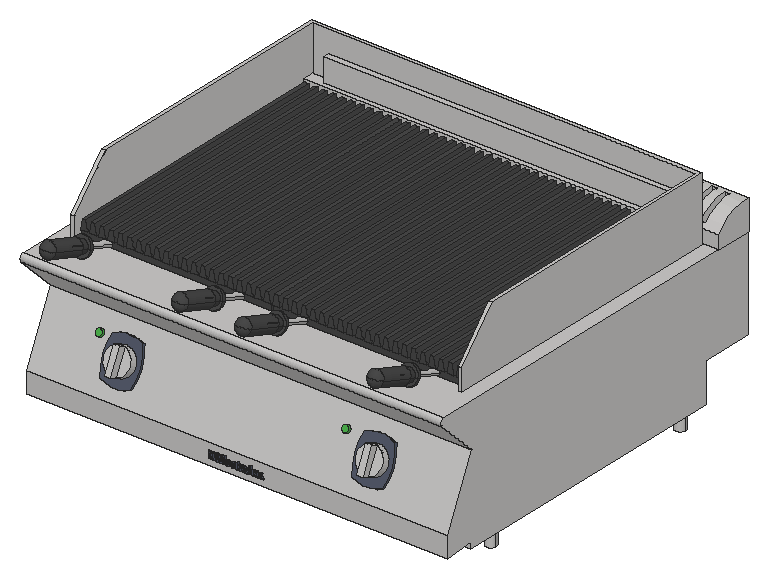
Revit family "QF_ELECTROLUXPROFESSIONAL_371240_E7GREHGS0U", category Specialty Equipment, Revit 2018
Family settings
  Round Connector Dimension = Use Diameter
  Part Type = Normal
  Work Plane-Based = No
  Always vertical = Yes
  Cut with Voids When Loaded = No
  Shared = No
  Room Calculation Point = No
Parameters
  Width = 800.1 mm  # constant formula
  Weight in Pounds = 93  # constant formula
  Watts = 12000 VA  # 12000 W
  Volts = 400 V  # constant formula
  URL Cutsheet = "www.electrolux.com/foodservice"
  URL = "www.electrolux.com/foodservice"
  Type Mark [instance] = ""
  Status [instance] = ""
  Specification by User [instance] = ""
  Specification by Manufacturer = ""
  Show Logo [instance] = yes
  Show Clearance [instance] = yes
  Serial Number = ""
  Seismic Rating = ""
  SMACNA No = ""
  Revision Code [instance] = ""
  Phase = 3  # constant formula
  Omniclass Number and Title = ""
  Number of Poles [instance] = 1
  NAFEM Spec ID Number = ""
  Model = "371063"
  Min Ckt Ampacity = 0 A
  Max Overcurrent Protection = 0 A
  Masterspec = ""
  Manufacturer = "ELECTROLUX"
  Item Number [instance] = ""
  Installed By [instance] = ""
  Identify Quantity as Lot [instance] = yes
  Height = 396 mm  # constant formula
  HP = "10.7 HP"
  Furnished By [instance] = ""
  Foodservice Equipment Identifier [instance] = yes
  FL Amps = if(Phase = 3, Watts / (Volts * 1.73), Watts / Volts)  # 17.341 A
  Electrical Remarks [instance] = "400 V/3N ph/50/60 Hz"  # constant formula
  Electric Connection Type [instance] = ""
  Elec Conn RI Height [instance] = 0 mm
  Elec Conn Connection Height [instance] = 0 mm
  Direct Waste Size = 0"
  Description = "700XP Full Module Electric Char-Grill Top"
  Depth = 730.25 mm  # constant formula
  Cycle [instance] = if([60 Hertz Option], 60 Hz, 50 Hz)  # 60 Hz
  Conn Plug = ""
  Conn Conduit = yes
  CSI MasterFormat = ""
  CSI Master Format = ""
  Base Height [instance] = 23.813 mm  # constant formula
  Assembly Code = ""
  Apparent Power = if(Phase = 3, Volts * FL Amps * 1.73, Volts * FL Amps)  # 12000 VA
  60 Hertz Option [instance] = not([50 Hertz Option])  # yes
  50 Hertz Option [instance] = no
Reference planes
  plane 1 "BACK": y = 0
  plane 2: z = 0
  plane 3 "LEFT": x = 0
  plane 4 "RIGHT": x = 800.1
  plane 5 "FRONT": y = -730.25
  plane 6 "TOP": z = 288.925
  plane 7 "Center Y": x = 400.05
  plane 8 "Center X": y = -365.125
  plane 9 "BASE": z = 23.813
  plane 10 "TOP A": z = 274.638
  plane 11: y = -597.884
  plane 12: y = -147.637
  plane 13: z = 396
Forms (mm)
  Extrusion 1, solid, material "QF_Finishes_Stainless Steel"
    sketch origin (0, 0, 0) x (0, 1, 0) y (0, 0, 1)
      loop
        line (0, 274.638) -> (-722.851, 274.638)
        arc (-722.851, 274.638) -> (-729.646, 270.097) -> (-728.052, 262.082) r 7.355
        line (-728.052, 262.082) -> (-657.416, 191.447) -> (-713.772, 69.003) -> (-713.772, 30.903) -> (-660.4, 36.513) -> (-660.4, 23.812) -> (-101.6, 23.812) -> (-101.6, 98.425) -> (0, 98.425) -> (0, 274.638)
    from 0 to 800.1
  Extrusion 2, solid, material "QF_Finishes_Stainless Steel"
    sketch origin (0, 0, 0) x (1, 0, 0) y (0, 1, 0)
      loop
        circle (11.112, -147.638) r 9.525
      loop
        circle (11.112, -597.884) r 9.525
      loop
        circle (788.987, -147.638) r 9.525
      loop
        circle (788.987, -597.884) r 9.525
    from 0 to 23.813
  Extrusion 3, solid, material "QF_Finishes_Stainless Steel"
    sketch origin (0, -101.6, 101.6) x (0, 0, -1) y (-1, 0, 0)
      loop
        circle (43.882, -747.712) r 12.7
    from 0 to 3.175
  Extrusion 4, solid, material "QF_Finishes_Clearance", visible <- "Show Clearance", detail levels coarse
    sketch origin (0, 0, 0) x (1, 0, 0) y (0, 1, 0)
      loop
        line (0, -730.25) -> (0, 0) -> (800.1, 0) -> (800.1, -730.25) -> (950.119, -730.25) -> (950.119, 150.019) -> (-150.019, 150.019) -> (-150.019, -730.25) -> (0, -730.25)
    from 0 to 396
  Extrusion 5, solid, material "QF_Finishes_Green"
    sketch origin (-360.91, -713.772, 69.003) x (0, 0.418102, 0.9084) y (-1, 0, 0)
      loop
        circle (95.112, -468.698) r 6.35
    from 0 to 3.175
  Extrusion 6, solid, material "QF_Finishes_Navy Blue"
    sketch origin (-379.27, -713.772, 69.003) x (0, 0.418102, 0.9084) y (-1, 0, 0)
      loop
        arc (102.623, -510.47) -> (67.041, -502.846) -> (31.333, -509.853) r 90.5
        arc (31.333, -509.853) -> (24.507, -539.04) -> (31.333, -568.228) r 65.817
        arc (31.333, -568.228) -> (67.04, -575.188) -> (102.623, -567.615) r 91.066
        arc (102.623, -567.615) -> (109.179, -539.043) -> (102.623, -510.47) r 65.546
    from 0 to 3.175
  Extrusion 7, solid, material "QF_Finishes_Stainless Steel"
    sketch origin (-0.52, -717.485, 68.529) x (0, 0.418102, 0.9084) y (-1, 0, 0)
      loop
        circle (68.826, -160.963) r 25.4
    from 0 to 12.7
  Extrusion 8, solid, material "QF_Finishes_Stainless Steel"
    sketch origin (-0.52, -729.022, 73.839) x (0, 0.418102, 0.9084) y (-1, 0, 0)
      loop
        arc (93.558, -166.749) -> (94.226, -160.963) -> (93.558, -155.177) r 25.4
        line (93.558, -155.177) -> (44.094, -155.177)
        arc (44.094, -155.177) -> (43.426, -160.963) -> (44.094, -166.749) r 25.4
        line (44.094, -166.749) -> (93.558, -166.749)
    from 0 to 12.7
  Extrusion 9, solid, material "QF_Finishes_Green"
    sketch origin (96.104, -713.772, 69.003) x (0, 0.418102, 0.9084) y (-1, 0, 0)
      loop
        circle (95.112, -479.798) r 6.35
    from 0 to 3.175
  Extrusion 10, solid, material "QF_Finishes_Navy Blue"
    sketch origin (77.744, -713.772, 69.003) x (0, 0.418102, 0.9084) y (-1, 0, 0)
      loop
        arc (102.623, -532.67) -> (67.041, -525.046) -> (31.333, -532.053) r 90.5
        arc (31.333, -532.053) -> (24.507, -561.24) -> (31.333, -590.428) r 65.817
        arc (31.333, -590.428) -> (67.04, -597.388) -> (102.623, -589.815) r 91.066
        arc (102.623, -589.815) -> (109.179, -561.243) -> (102.623, -532.67) r 65.546
    from 0 to 3.175
  Extrusion 11, solid, material "QF_Finishes_Stainless Steel"
    sketch origin (478.994, -717.485, 68.529) x (0, 0.418102, 0.9084) y (-1, 0, 0)
      loop
        circle (68.826, -160.963) r 25.4
    from 0 to 12.7
  Extrusion 12, solid, material "QF_Finishes_Stainless Steel"
    sketch origin (478.994, -729.022, 73.839) x (0, 0.418102, 0.9084) y (-1, 0, 0)
      loop
        arc (93.558, -166.749) -> (94.226, -160.963) -> (93.558, -155.177) r 25.4
        line (93.558, -155.177) -> (44.094, -155.177)
        arc (44.094, -155.177) -> (43.426, -160.963) -> (44.094, -166.749) r 25.4
        line (44.094, -166.749) -> (93.558, -166.749)
    from 0 to 12.7
  Sweep 13, solid, material "QF_Finishes_Stainless Steel"
    path origin (0, -2.381, 274.638) x (-1, 0, 0) y (0, -1, 0)
      loop
        line (-765.075, 642.504) -> (-765.075, 77.504) -> (-35.025, 77.504) -> (-35.025, 642.504)
    profile origin (35.025, -362.385, 274.638) x (1, 0, 0) y (0, 0, 1)
      loop
        line (-6.35, 0) -> (0, 0) -> (0, 121.362) -> (-6.35, 121.362) -> (-6.35, 0)
  Extrusion 14, void
    sketch origin (28.675, -73.535, 274.638) x (0, 1, 0) y (0, 0, 1)
      loop
        line (-571.35, 40.481) -> (-498.32, 121.363) -> (-571.35, 121.363) -> (-571.35, 40.481)
    from 0 to 6.35
  Extrusion 15, void
    sketch origin (771.425, -644.885, 274.638) x (0, -1, 0) y (0, 0, 1)
      loop
        line (0, 40.481) -> (0, 121.362) -> (-73.03, 121.362) -> (0, 40.481)
    from 0 to 6.35
  Extrusion 16, solid, material "QF_Finishes_Black"
    sketch origin (0, 0, 274.638) x (0, -1, 0) y (1, 0, 0)
      loop
        line (629.524, 35.025) -> (629.524, 398.386) -> (102.375, 398.386) -> (102.375, 35.025) -> (629.524, 35.025)
      loop
        line (130.285, 765.075) -> (130.285, 401.586) -> (629.524, 401.586) -> (629.524, 765.075) -> (130.285, 765.075)
    from 0 to 12.7
  Extrusion 17, solid, material "QF_Finishes_Stainless Steel"
    sketch origin (0, 0, 274.638) x (0, -1, 0) y (1, 0, 0)
      loop
        line (102.375, 36.446) -> (102.375, 763.521) -> (79.885, 763.521) -> (79.885, 36.446) -> (102.375, 36.446)
    from 0 to 37.056
  Extrusion 18, solid, material "QF_Finishes_Stainless Steel"
    sketch origin (27.525, -633.969, 275.928) x (1, 0, 0) y (0, 0.34202, 0.939693)
      loop
        circle (61.287, 5.861) r 5
    from -5.22 to 64.844
  Revolve 19, solid, material "QF_Finishes_Black"
    sketch origin (20, -48.847, 69.199) x (-1, 0, 0) y (0, -0.939693, 0.34202)
      loop
        line (-68.646, 685.384) -> (-50.452, 685.384) -> (-50.452, 689.246) -> (-56.809, 689.246) -> (-54.08, 704.719) -> (-54.08, 772.936)
        arc (-54.08, 772.936) -> (-59.651, 780.542) -> (-68.646, 783.364) r 15.108
        line (-68.646, 783.364) -> (-68.646, 685.384)
      axis (-68.875, 685.384) -> (-68.875, 783.364)
    angle from 0 to 360
  Extrusion 20, solid, material "QF_Finishes_Stainless Steel"
    sketch origin (0, 0, 311.693) x (0, -1, 0) y (1, 0, 0)
      loop
        line (79.885, 66.394) -> (92.813, 66.394) -> (92.813, 733.706) -> (79.885, 733.706) -> (79.885, 66.394)
    from 0 to 43.675
  Extrusion 21, solid, material "QF_Finishes_Stainless Steel"
    sketch origin (12.25, -633.969, 275.928) x (-1, 0, 0) y (0, -0.34202, -0.939693)
      loop
        circle (-327.663, -5.861) r 5
    from -5.22 to 64.844
  Extrusion 22, solid, material "QF_Finishes_Stainless Steel"
    sketch origin (400.05, 175.397, 1219.2) x (0, 1, 0) y (0, 0, 1)
      loop
        line (-276.997, -1195.388) -> (-840.343, -1195.388) -> (-840.343, -1215.388) -> (-837.168, -1215.388) -> (-837.168, -1198.588) -> (-816.997, -1198.588) -> (-816.997, -1215.388) -> (-276.997, -1215.388) -> (-276.997, -1195.388)
    from -261.95 to 261.95
  Extrusion 23, solid, material "QF_Finishes_Drawer Clearance", visible <- "Show Clearance", detail levels coarse
    sketch origin (400.05, -664.946, 23.812) x (0, 0, -1) y (1, 0, 0)
      loop
        line (0, -261.95) -> (20, -261.95) -> (20, 261.95) -> (0, 261.95) -> (0, -261.95)
    from 0 to 536.054
  Revolve 24, solid, material "QF_Finishes_Black"
    sketch origin (260.002, -48.847, 69.199) x (-1, 0, 0) y (0, -0.939693, 0.34202)
      loop
        line (-79.746, 685.384) -> (-61.552, 685.384) -> (-61.552, 689.246) -> (-67.909, 689.246) -> (-65.18, 704.719) -> (-65.18, 772.936)
        arc (-65.18, 772.936) -> (-70.751, 780.542) -> (-79.746, 783.364) r 15.108
        line (-79.746, 783.364) -> (-79.746, 685.384)
      axis (-79.975, 685.384) -> (-79.975, 783.364)
    angle from 0 to 360
  Extrusion 25, solid, material "QF_Finishes_Stainless Steel"
    sketch origin (787.85, -633.969, 275.928) x (1, 0, 0) y (0, 0.34202, 0.939693)
      loop
        circle (-327.663, 5.861) r 5
    from -5.22 to 64.844
  Revolve 26, solid, material "QF_Finishes_Black"
    sketch origin (540.098, -48.847, 69.199) x (1, 0, 0) y (0, 0.939693, -0.34202)
      loop
        line (-79.746, -685.384) -> (-79.746, -783.364)
        arc (-79.746, -783.364) -> (-70.751, -780.542) -> (-65.18, -772.936) r 15.108
        line (-65.18, -772.936) -> (-65.18, -704.719) -> (-67.909, -689.246) -> (-61.552, -689.246) -> (-61.552, -685.384) -> (-79.746, -685.384)
      axis (-79.975, -685.384) -> (-79.975, -783.364)
    angle from 0 to 360
  Extrusion 27, solid, material "QF_Finishes_Stainless Steel"
    sketch origin (772.575, -633.969, 275.928) x (-1, 0, 0) y (0, -0.34202, -0.939693)
      loop
        circle (61.287, -5.861) r 5
    from -5.22 to 64.844
  Revolve 28, solid, material "QF_Finishes_Black"
    sketch origin (780.1, -48.847, 69.199) x (1, 0, 0) y (0, 0.939693, -0.34202)
      loop
        line (-68.646, -685.384) -> (-68.646, -783.364)
        arc (-68.646, -783.364) -> (-59.651, -780.542) -> (-54.08, -772.936) r 15.108
        line (-54.08, -772.936) -> (-54.08, -704.719) -> (-56.809, -689.246) -> (-50.452, -689.246) -> (-50.452, -685.384) -> (-68.646, -685.384)
      axis (-68.875, -685.384) -> (-68.875, -783.364)
    angle from 0 to 360
  Extrusion 29, solid, material "QF_Finishes_Stainless Steel"
    sketch origin (0, 0, 0) x (0, 1, 0) y (0, 0, 1)
      loop
        line (0, 274.638) -> (0, 331.738)
        arc (0, 331.738) -> (-38.857, 324.552) -> (-69.85, 300.038) r 82.056
        line (-69.85, 300.038) -> (-69.85, 274.638) -> (0, 274.638)
    from 0 to 400.05
  Extrusion 30, void
    sketch origin (0, 0, 274.638) x (0, -1, 0) y (1, 0, 0)
      loop
        line (6.761, 29.703) -> (63.911, 29.703) -> (63.911, 38.999) -> (6.761, 38.999) -> (6.761, 29.703)
      loop
        line (63.911, 64.487) -> (6.761, 64.487) -> (6.761, 55.191) -> (63.911, 55.191) -> (63.911, 64.487)
      loop
        line (63.911, 89.975) -> (6.761, 89.975) -> (6.761, 80.68) -> (63.911, 80.68) -> (63.911, 89.975)
      loop
        line (63.911, 115.464) -> (6.761, 115.464) -> (6.761, 106.168) -> (63.911, 106.168) -> (63.911, 115.464)
      loop
        line (63.911, 140.952) -> (6.761, 140.952) -> (6.761, 131.656) -> (63.911, 131.656) -> (63.911, 140.952)
      loop
        line (63.911, 166.44) -> (6.761, 166.44) -> (6.761, 157.145) -> (63.911, 157.145) -> (63.911, 166.44)
      loop
        line (63.911, 191.929) -> (6.761, 191.929) -> (6.761, 182.633) -> (63.911, 182.633) -> (63.911, 191.929)
      loop
        line (63.911, 217.417) -> (6.761, 217.417) -> (6.761, 208.121) -> (63.911, 208.121) -> (63.911, 217.417)
      loop
        line (63.911, 242.905) -> (6.761, 242.905) -> (6.761, 233.61) -> (63.911, 233.61) -> (63.911, 242.905)
      loop
        line (63.911, 268.394) -> (6.761, 268.394) -> (6.761, 259.098) -> (63.911, 259.098) -> (63.911, 268.394)
      loop
        line (63.911, 293.882) -> (6.761, 293.882) -> (6.761, 284.586) -> (63.911, 284.586) -> (63.911, 293.882)
      loop
        line (63.911, 319.37) -> (6.761, 319.37) -> (6.761, 310.075) -> (63.911, 310.075) -> (63.911, 319.37)
      loop
        line (63.911, 344.859) -> (6.761, 344.859) -> (6.761, 335.563) -> (63.911, 335.563) -> (63.911, 344.859)
      loop
        line (63.911, 370.347) -> (6.761, 370.347) -> (6.761, 361.051) -> (63.911, 361.051) -> (63.911, 370.347)
    from 25.4 to 63.5
  Extrusion 31, solid, material "QF_Finishes_Stainless Steel"
    sketch origin (400.05, 0, 0) x (0, 1, 0) y (0, 0, 1)
      loop
        line (0, 274.638) -> (0, 331.738)
        arc (0, 331.738) -> (-38.857, 324.552) -> (-69.85, 300.038) r 82.056
        line (-69.85, 300.038) -> (-69.85, 274.638) -> (0, 274.638)
    from 0 to 400.05
  Extrusion 32, void
    sketch origin (400.05, 0, 274.638) x (0, -1, 0) y (1, 0, 0)
      loop
        line (6.761, 29.703) -> (63.911, 29.703) -> (63.911, 38.999) -> (6.761, 38.999) -> (6.761, 29.703)
      loop
        line (63.911, 64.487) -> (6.761, 64.487) -> (6.761, 55.191) -> (63.911, 55.191) -> (63.911, 64.487)
      loop
        line (63.911, 89.975) -> (6.761, 89.975) -> (6.761, 80.68) -> (63.911, 80.68) -> (63.911, 89.975)
      loop
        line (63.911, 115.464) -> (6.761, 115.464) -> (6.761, 106.168) -> (63.911, 106.168) -> (63.911, 115.464)
      loop
        line (63.911, 140.952) -> (6.761, 140.952) -> (6.761, 131.656) -> (63.911, 131.656) -> (63.911, 140.952)
      loop
        line (63.911, 166.44) -> (6.761, 166.44) -> (6.761, 157.145) -> (63.911, 157.145) -> (63.911, 166.44)
      loop
        line (63.911, 191.929) -> (6.761, 191.929) -> (6.761, 182.633) -> (63.911, 182.633) -> (63.911, 191.929)
      loop
        line (63.911, 217.417) -> (6.761, 217.417) -> (6.761, 208.121) -> (63.911, 208.121) -> (63.911, 217.417)
      loop
        line (63.911, 242.905) -> (6.761, 242.905) -> (6.761, 233.61) -> (63.911, 233.61) -> (63.911, 242.905)
      loop
        line (63.911, 268.394) -> (6.761, 268.394) -> (6.761, 259.098) -> (63.911, 259.098) -> (63.911, 268.394)
      loop
        line (63.911, 293.882) -> (6.761, 293.882) -> (6.761, 284.586) -> (63.911, 284.586) -> (63.911, 293.882)
      loop
        line (63.911, 319.37) -> (6.761, 319.37) -> (6.761, 310.075) -> (63.911, 310.075) -> (63.911, 319.37)
      loop
        line (63.911, 344.859) -> (6.761, 344.859) -> (6.761, 335.563) -> (63.911, 335.563) -> (63.911, 344.859)
      loop
        line (63.911, 370.347) -> (6.761, 370.347) -> (6.761, 361.051) -> (63.911, 361.051) -> (63.911, 370.347)
    from 25.4 to 63.5
  Extrusion 33, solid, material "QF_Finishes_Navy Blue", visible <- "Show Logo"
    sketch origin (57.669, -713.772, 35.665) x (0, 0, 1) y (-1, 0, 0)
      loop
        line (20.674, -296.698) -> (8.307, -296.698)
        arc (8.307, -296.698) -> (14.491, -301.27) -> (20.674, -296.698) r 6.467
      loop
        arc (20.674, -296.069) -> (19.505, -290.926) -> (14.849, -288.448) r 6.338
        line (14.849, -288.448) -> (14.849, -290.494)
        arc (14.849, -290.494) -> (16.333, -294.149) -> (19.778, -296.069) r 5.941
        line (19.778, -296.069) -> (20.674, -296.069)
      loop
        arc (9.203, -296.069) -> (12.648, -294.149) -> (14.132, -290.494) r 5.941
        line (14.132, -290.494) -> (14.132, -288.448)
        arc (14.132, -288.448) -> (9.438, -290.922) -> (8.148, -296.069) r 6.504
        line (8.148, -296.069) -> (9.203, -296.069)
      loop
        line (21.349, -287.979) -> (7.604, -287.979) -> (7.604, -301.742) -> (21.349, -301.742) -> (21.349, -287.979)
      loop
        arc (21.432, -304.71) -> (21.085, -304.352) -> (20.718, -304.69) r 0.358
        arc (20.718, -304.69) -> (20.404, -305.44) -> (19.687, -305.825) r 1.216
        line (19.687, -305.825) -> (9.274, -305.825)
        arc (9.274, -305.825) -> (8.614, -305.548) -> (8.218, -304.951) r 1.238
        arc (8.218, -304.951) -> (7.823, -304.7) -> (7.518, -305.054) r 0.358
        line (7.518, -305.054) -> (7.518, -314.933) -> (10.269, -314.933) -> (10.269, -314.036)
        arc (10.269, -314.036) -> (9.36, -313.456) -> (8.904, -312.479) r 1.928
        line (8.904, -312.479) -> (8.904, -309.98)
        arc (8.904, -309.98) -> (9.18, -309.251) -> (9.868, -308.887) r 1.101
        line (9.868, -308.887) -> (13.955, -308.887) -> (13.955, -312.561)
        arc (13.955, -312.561) -> (13.602, -313.058) -> (13.037, -313.286) r 1.083
        arc (13.037, -313.286) -> (12.773, -313.591) -> (13.065, -313.869) r 0.292
        line (13.065, -313.869) -> (16.028, -313.869)
        arc (16.028, -313.869) -> (16.33, -313.596) -> (16.092, -313.266) r 0.305
        arc (16.092, -313.266) -> (15.601, -313.018) -> (15.296, -312.561) r 1.083
        line (15.296, -312.561) -> (15.296, -308.887) -> (19.973, -308.887) -> (19.973, -312.635)
        arc (19.973, -312.635) -> (19.759, -313.39) -> (19.153, -313.888) r 1.314
        arc (19.153, -313.888) -> (18.934, -314.292) -> (19.288, -314.585) r 0.361
        line (19.288, -314.585) -> (21.432, -314.585) -> (21.432, -304.71)
      loop
        arc (20.715, -315.365) -> (20.335, -316.284) -> (19.416, -316.664) r 1.299
        line (19.416, -316.664) -> (9.837, -316.664)
        arc (9.837, -316.664) -> (8.999, -316.286) -> (8.728, -315.408) r 1.118
        line (8.728, -315.408) -> (7.518, -315.408) -> (7.518, -320.758) -> (8.706, -320.758)
        arc (8.706, -320.758) -> (8.978, -319.841) -> (9.848, -319.445) r 1.153
        line (9.848, -319.445) -> (21.92, -319.445) -> (20.715, -315.365)
      loop
        line (12.483, -323.394) -> (12.483, -329.842) -> (13.282, -329.842)
        arc (13.282, -329.842) -> (15.862, -328.857) -> (17.131, -326.404) r 3.874
        line (17.131, -326.404) -> (17.131, -324.643)
        arc (17.131, -324.643) -> (15.944, -321.778) -> (13.08, -320.592) r 4.051
        line (13.08, -320.592) -> (11.072, -320.592)
        arc (11.072, -320.592) -> (8.253, -322.077) -> (7.202, -325.084) r 4.352
        arc (7.202, -325.084) -> (7.566, -327.547) -> (8.943, -329.621) r 5.713
        line (8.943, -329.621) -> (9.892, -329.621)
        arc (9.892, -329.621) -> (9.16, -328.052) -> (8.943, -326.334) r 5.579
        arc (8.943, -326.334) -> (9.737, -324.371) -> (11.616, -323.394) r 3.057
        line (11.616, -323.394) -> (12.483, -323.394)
      loop
        line (13.742, -323.394) -> (13.742, -326.977)
        arc (13.742, -326.977) -> (15.199, -327.024) -> (16.082, -325.864) r 1.59
        line (16.082, -325.864) -> (16.082, -325.034)
        arc (16.082, -325.034) -> (15.217, -323.779) -> (13.742, -323.394) r 2.184
      loop
        arc (16.533, -339.259) -> (17.022, -337.585) -> (17.179, -335.848) r 9.023
        line (17.179, -335.848) -> (17.179, -334.486)
        arc (17.179, -334.486) -> (16.02, -331.686) -> (13.22, -330.527) r 3.959
        line (13.22, -330.527) -> (10.62, -330.527)
        arc (10.62, -330.527) -> (8.338, -331.819) -> (7.221, -334.192) r 4.331
        line (7.221, -334.192) -> (7.221, -336.327)
        arc (7.221, -336.327) -> (7.729, -337.877) -> (8.651, -339.223) r 5.772
        arc (8.651, -339.223) -> (9.412, -339.274) -> (9.499, -338.515) r 0.553
        arc (9.499, -338.515) -> (9.111, -337.781) -> (8.977, -336.962) r 2.573
        line (8.977, -336.962) -> (8.977, -335.447)
        arc (8.977, -335.447) -> (9.983, -333.806) -> (11.798, -333.163) r 2.884
        line (11.798, -333.163) -> (13.077, -333.163)
        arc (13.077, -333.163) -> (14.898, -333.723) -> (15.824, -335.388) r 2.554
        line (15.824, -335.388) -> (15.824, -336.441)
        arc (15.824, -336.441) -> (15.493, -337.369) -> (14.836, -338.104) r 2.564
        arc (14.836, -338.104) -> (14.614, -338.821) -> (15.223, -339.259) r 0.643
        line (15.223, -339.259) -> (16.533, -339.259)
      loop
        line (15.515, -339.53) -> (15.515, -341.031) -> (9.467, -341.031)
        arc (9.467, -341.031) -> (7.879, -341.688) -> (7.221, -343.276) r 2.246
        line (7.221, -343.276) -> (7.221, -344.86)
        arc (7.221, -344.86) -> (7.535, -345.725) -> (8.035, -346.496) r 4.06
        arc (8.035, -346.496) -> (8.768, -346.629) -> (9.019, -345.928) r 0.576
        arc (9.019, -345.928) -> (8.913, -345.403) -> (8.977, -344.87) r 1.69
        arc (8.977, -344.87) -> (9.519, -344.082) -> (10.425, -343.779) r 1.506
        line (10.425, -343.779) -> (15.563, -343.779) -> (15.563, -346.176) -> (16.119, -346.733) -> (16.941, -346.733) -> (16.941, -343.873) -> (20.172, -343.873) -> (15.515, -339.53)
      loop
        line (7.438, -347.63) -> (7.438, -353.017) -> (8.548, -353.017)
        arc (8.548, -353.017) -> (8.942, -352.066) -> (9.893, -351.672) r 1.345
        line (9.893, -351.672) -> (13.509, -351.672)
        arc (13.509, -351.672) -> (14.274, -352.264) -> (14.564, -353.186) r 1.615
        line (14.564, -353.186) -> (14.564, -354.742) -> (17.119, -355.427) -> (17.119, -354.044) -> (15.177, -351.485) -> (17.057, -351.485) -> (16.773, -348.779)
        arc (16.773, -348.779) -> (16.333, -348.249) -> (15.674, -348.45) r 0.621
        arc (15.674, -348.45) -> (15.274, -348.792) -> (14.78, -348.975) r 1.501
        line (14.78, -348.975) -> (9.893, -348.975)
        arc (9.893, -348.975) -> (8.942, -348.581) -> (8.548, -347.63) r 1.345
        line (8.548, -347.63) -> (7.438, -347.63)
      loop
        line (13.54, -354.964) -> (10.848, -354.964)
        arc (10.848, -354.964) -> (8.403, -356.272) -> (7.269, -358.803) r 4.288
        arc (7.269, -358.803) -> (7.205, -360.183) -> (7.269, -361.563) r 15.022
        arc (7.269, -361.563) -> (8.403, -364.094) -> (10.848, -365.401) r 4.288
        line (10.848, -365.401) -> (13.54, -365.401)
        arc (13.54, -365.401) -> (15.986, -364.094) -> (17.119, -361.563) r 4.288
        arc (17.119, -361.563) -> (17.183, -360.183) -> (17.119, -358.803) r 15.022
        arc (17.119, -358.803) -> (15.986, -356.272) -> (13.54, -354.964) r 4.288
      loop
        line (13.745, -358.078) -> (10.643, -358.078)
        arc (10.643, -358.078) -> (8.486, -360.235) -> (10.643, -362.392) r 2.157
        line (10.643, -362.392) -> (13.745, -362.392)
        arc (13.745, -362.392) -> (15.902, -360.235) -> (13.745, -358.078) r 2.157
      loop
        arc (20.726, -365.26) -> (20.355, -366.154) -> (19.461, -366.524) r 1.264
        line (19.461, -366.524) -> (9.597, -366.524)
        arc (9.597, -366.524) -> (8.727, -366.127) -> (8.455, -365.211) r 1.153
        line (8.455, -365.211) -> (7.518, -365.211) -> (7.518, -370.319) -> (8.446, -370.319)
        arc (8.446, -370.319) -> (8.805, -369.547) -> (9.597, -369.232) r 1.153
        line (9.597, -369.232) -> (21.92, -369.232) -> (20.726, -365.26)
      loop
        arc (15.846, -369.857) -> (15.647, -370.921) -> (14.678, -371.403) r 1.215
        line (14.678, -371.403) -> (9.658, -371.403)
        arc (9.658, -371.403) -> (8.043, -372.051) -> (7.322, -373.634) r 2.338
        line (7.322, -373.634) -> (7.322, -375.148)
        arc (7.322, -375.148) -> (7.497, -376.152) -> (7.999, -377.038) r 2.979
        line (7.999, -377.038) -> (7.518, -378.835) -> (7.518, -380.524) -> (16.943, -380.524) -> (16.649, -376.32) -> (15.863, -376.32)
        arc (15.863, -376.32) -> (15.507, -377.156) -> (14.755, -377.665) r 1.605
        line (14.755, -377.665) -> (9.652, -377.665)
        arc (9.652, -377.665) -> (9.232, -376.728) -> (9.159, -375.704) r 2.94
        arc (9.159, -375.704) -> (9.72, -374.603) -> (10.873, -374.16) r 1.724
        line (10.873, -374.16) -> (17.07, -374.16) -> (15.846, -369.857)
      loop
        line (16.874, -381.377) -> (15.202, -383.423) -> (12.028, -385.729) -> (8.572, -382.617)
        arc (8.572, -382.617) -> (8.335, -382.223) -> (8.357, -381.764) r 0.789
        line (8.357, -381.764) -> (7.518, -381.764) -> (7.518, -385.309) -> (8.344, -385.309)
        arc (8.344, -385.309) -> (8.686, -384.947) -> (9.176, -385.039) r 0.52
        line (9.176, -385.039) -> (10.976, -386.51) -> (8.858, -387.886)
        arc (8.858, -387.886) -> (8.457, -387.576) -> (8.37, -387.076) r 0.7
        line (8.37, -387.076) -> (7.518, -387.076) -> (7.518, -393.003) -> (8.405, -393.003)
        arc (8.405, -393.003) -> (8.472, -392.344) -> (8.866, -391.813) r 1.247
        line (8.866, -391.813) -> (13.066, -388.532) -> (15.513, -390.585) -> (16.874, -392.327) -> (16.874, -388.604) -> (15.389, -389.026) -> (13.868, -387.749) -> (15.568, -386.559) -> (16.874, -387.336) -> (16.874, -381.377)
    from 0 to 1.644
Cuts and joins
  Extrusion 32 cuts Extrusion 31
  Extrusion 30 cuts Extrusion 29
  Extrusion 14, Extrusion 15 cuts Sweep 13
Lines and regions (mm)
  symbolic lines, style "QF-Clearances", visible <- "Show Clearance", detail levels coarse
    curve 1: line (-150.019, 150.019, 274.638) -> (-150.019, -730.25, 274.638)
    curve 2: line (950.119, 150.019, 274.638) -> (-150.019, 150.019, 274.638)
    curve 3: line (950.119, -730.25, 274.638) -> (950.119, 150.019, 274.638)
  symbolic lines
    curve 4: line (0, -730.25, 274.638) -> (0, 0, 274.638)
    curve 5: line (800.1, 0, 274.638) -> (800.1, -730.25, 274.638)
    curve 6: line (35.025, -79.885, 274.638) -> (35.025, -644.885, 274.638)
    curve 7: line (28.675, -644.885, 274.638) -> (35.025, -644.885, 274.638)
    curve 8: line (765.075, -644.885, 274.638) -> (765.075, -79.885, 274.638)
    curve 9: line (765.075, -79.885, 274.638) -> (35.025, -79.885, 274.638)
    curve 10: line (28.675, -73.535, 274.638) -> (28.675, -644.885, 274.638)
    curve 11: line (28.675, -73.535, 274.638) -> (771.425, -73.535, 274.638)
    curve 12: line (771.425, -73.535, 274.638) -> (771.425, -644.885, 274.638)
    curve 13: line (765.075, -644.885, 274.638) -> (771.425, -644.885, 274.638)
    curve 14: line (83.594, -631.964, 274.638) -> (83.594, -687.06, 274.638)
    curve 15: line (76.419, -696.572, 274.638) -> (73.666, -711.241, 274.638)
    curve 16: line (73.666, -711.241, 274.638) -> (73.666, -775.925, 274.638)
    curve 17: spline (101.968, -702.405, 274.638) -> (106.912, -699.563, 274.638) -> (108.913, -696.097, 274.638) -> (107.647, -692.564, 274.638) -> (103.319, -689.535, 274.638) -> (96.625, -687.498, 274.638) -> (88.646, -686.78, 274.638) -> (80.666, -687.498, 274.638) -> (73.973, -689.535, 274.638) -> (69.645, -692.564, 274.638) -> (68.379, -696.097, 274.638) -> (70.379, -699.563, 274.638) -> (75.324, -702.405, 274.638)
    curve 18: line (100.873, -696.572, 274.638) -> (103.626, -711.241, 274.638)
    curve 19: line (103.626, -711.241, 274.638) -> (103.626, -775.925, 274.638)
    curve 20: arc (73.666, -775.925, 274.638) -> (88.646, -785.813, 274.638) -> (103.626, -775.925, 274.638) r 16.291
    curve 21: arc (73.666, -711.241, 274.638) -> (88.646, -706.731, 274.638) -> (103.626, -711.241, 274.638) r 27.132
    curve 22: arc (73.666, -775.925, 274.638) -> (88.646, -770.312, 274.638) -> (103.626, -775.925, 274.638) r 22.796
    curve 23: arc (108.859, -696.455, 274.638) -> (88.467, -689.691, 274.638) -> (68.113, -696.572, 274.638) r 33.831
    curve 24: line (93.698, -631.964, 274.638) -> (93.698, -687.06, 274.638)
    curve 25: arc (76.419, -696.572, 274.638) -> (88.646, -692.622, 274.638) -> (100.873, -696.572, 274.638) r 20.899
    curve 26: line (36.446, -102.375, 274.638) -> (36.446, -79.885, 274.638)
    curve 27: line (763.521, -102.375, 274.638) -> (36.446, -102.375, 274.638)
    curve 28: line (763.521, -79.464, 274.638) -> (763.521, -102.375, 274.638)
    curve 29: line (66.394, -92.813, 274.638) -> (66.394, -79.885, 274.638)
    curve 30: line (66.394, -92.813, 274.638) -> (733.706, -92.813, 274.638)
    curve 31: line (733.706, -92.813, 274.638) -> (733.706, -79.885, 274.638)
    curve 32: line (334.793, -631.964, 274.638) -> (334.793, -687.06, 274.638)
    curve 33: line (344.897, -631.964, 274.638) -> (344.897, -687.06, 274.638)
    curve 34: line (327.618, -696.572, 274.638) -> (324.865, -711.241, 274.638)
    curve 35: line (324.865, -711.241, 274.638) -> (324.865, -775.925, 274.638)
    curve 36: spline (353.167, -702.405, 274.638) -> (358.112, -699.563, 274.638) -> (360.113, -696.097, 274.638) -> (358.847, -692.564, 274.638) -> (354.518, -689.535, 274.638) -> (347.825, -687.498, 274.638) -> (339.845, -686.78, 274.638) -> (331.866, -687.498, 274.638) -> (325.172, -689.535, 274.638) -> (320.844, -692.564, 274.638) -> (319.578, -696.097, 274.638) -> (321.579, -699.563, 274.638) -> (326.523, -702.405, 274.638)
    curve 37: line (352.072, -696.572, 274.638) -> (354.825, -711.241, 274.638)
    curve 38: line (354.825, -711.241, 274.638) -> (354.825, -775.925, 274.638)
    curve 39: arc (324.865, -775.925, 274.638) -> (339.845, -785.812, 274.638) -> (354.825, -775.925, 274.638) r 16.291
    curve 40: arc (324.865, -711.241, 274.638) -> (339.845, -706.731, 274.638) -> (354.825, -711.241, 274.638) r 27.132
    curve 41: arc (324.865, -775.925, 274.638) -> (339.845, -770.312, 274.638) -> (354.825, -775.925, 274.638) r 22.796
    curve 42: arc (360.058, -696.455, 274.638) -> (339.666, -689.691, 274.638) -> (319.313, -696.572, 274.638) r 33.831
    curve 43: arc (327.618, -696.572, 274.638) -> (339.845, -692.622, 274.638) -> (352.072, -696.572, 274.638) r 20.899
    curve 44: line (465.307, -631.964, 274.638) -> (465.307, -687.06, 274.638)
    curve 45: line (455.203, -631.964, 274.638) -> (455.203, -687.06, 274.638)
    curve 46: line (472.482, -696.572, 274.638) -> (475.235, -711.241, 274.638)
    curve 47: line (475.235, -711.241, 274.638) -> (475.235, -775.925, 274.638)
    curve 48: spline (446.933, -702.405, 274.638) -> (441.988, -699.563, 274.638) -> (439.987, -696.097, 274.638) -> (441.253, -692.564, 274.638) -> (445.582, -689.535, 274.638) -> (452.275, -687.498, 274.638) -> (460.255, -686.78, 274.638) -> (468.234, -687.498, 274.638) -> (474.928, -689.535, 274.638) -> (479.256, -692.564, 274.638) -> (480.522, -696.097, 274.638) -> (478.521, -699.563, 274.638) -> (473.577, -702.405, 274.638)
    curve 49: line (448.028, -696.572, 274.638) -> (445.275, -711.241, 274.638)
    curve 50: line (445.275, -711.241, 274.638) -> (445.275, -775.925, 274.638)
    curve 51: arc (475.235, -775.925, 274.638) -> (460.255, -785.812, 274.638) -> (445.275, -775.925, 274.638) r 16.291
    curve 52: arc (475.235, -711.241, 274.638) -> (460.255, -706.731, 274.638) -> (445.275, -711.241, 274.638) r 27.132
    curve 53: arc (475.235, -775.925, 274.638) -> (460.255, -770.312, 274.638) -> (445.275, -775.925, 274.638) r 22.796
    curve 54: arc (440.042, -696.455, 274.638) -> (460.434, -689.691, 274.638) -> (480.787, -696.572, 274.638) r 33.831
    curve 55: arc (472.482, -696.572, 274.638) -> (460.255, -692.622, 274.638) -> (448.028, -696.572, 274.638) r 20.899
    curve 56: line (716.506, -631.964, 274.638) -> (716.506, -687.06, 274.638)
    curve 57: line (723.681, -696.572, 274.638) -> (726.434, -711.241, 274.638)
    curve 58: line (726.434, -711.241, 274.638) -> (726.434, -775.925, 274.638)
    curve 59: spline (698.132, -702.405, 274.638) -> (693.188, -699.563, 274.638) -> (691.187, -696.097, 274.638) -> (692.453, -692.564, 274.638) -> (696.781, -689.535, 274.638) -> (703.475, -687.498, 274.638) -> (711.454, -686.78, 274.638) -> (719.434, -687.498, 274.638) -> (726.127, -689.535, 274.638) -> (730.455, -692.564, 274.638) -> (731.721, -696.097, 274.638) -> (729.721, -699.563, 274.638) -> (724.776, -702.405, 274.638)
    curve 60: line (699.227, -696.572, 274.638) -> (696.474, -711.241, 274.638)
    curve 61: line (696.474, -711.241, 274.638) -> (696.474, -775.925, 274.638)
    curve 62: arc (726.434, -775.925, 274.638) -> (711.454, -785.813, 274.638) -> (696.474, -775.925, 274.638) r 16.291
    curve 63: arc (726.434, -711.241, 274.638) -> (711.454, -706.731, 274.638) -> (696.474, -711.241, 274.638) r 27.132
    curve 64: arc (726.434, -775.925, 274.638) -> (711.454, -770.312, 274.638) -> (696.474, -775.925, 274.638) r 22.796
    curve 65: arc (691.241, -696.455, 274.638) -> (711.633, -689.691, 274.638) -> (731.987, -696.572, 274.638) r 33.831
    curve 66: line (706.402, -631.964, 274.638) -> (706.402, -687.06, 274.638)
    curve 67: arc (723.681, -696.572, 274.638) -> (711.454, -692.622, 274.638) -> (699.227, -696.572, 274.638) r 20.899
    curve 68: line (35.025, -631.964, 274.638) -> (765.075, -631.964, 274.638)
    curve 69: line (0, 0, 274.638) -> (800.1, 0, 274.638)
    curve 70: line (0, -69.85, 274.638) -> (800.1, -69.85, 274.638)
    curve 71: line (0, 0, 274.638) -> (800.1, 0, 274.638)
    curve 72: line (0, -69.85, 274.638) -> (800.1, -69.85, 274.638)
    curve 73: line (29.703, -6.761, 0) -> (38.999, -6.761, 0)
    curve 74: line (29.703, -63.911, 0) -> (29.703, -6.761, 0)
    curve 75: line (38.999, -63.911, 0) -> (29.703, -63.911, 0)
    curve 76: line (38.999, -6.761, 0) -> (38.999, -63.911, 0)
    curve 77: line (55.191, -6.761, 0) -> (64.487, -6.761, 0)
    curve 78: line (55.191, -63.911, 0) -> (55.191, -6.761, 0)
    curve 79: line (64.487, -63.911, 0) -> (55.191, -63.911, 0)
    curve 80: line (64.487, -6.761, 0) -> (64.487, -63.911, 0)
    curve 81: line (80.68, -6.761, 0) -> (89.975, -6.761, 0)
    curve 82: line (80.68, -63.911, 0) -> (80.68, -6.761, 0)
    curve 83: line (89.975, -63.911, 0) -> (80.68, -63.911, 0)
    curve 84: line (89.975, -6.761, 0) -> (89.975, -63.911, 0)
    curve 85: line (106.168, -6.761, 0) -> (115.464, -6.761, 0)
    curve 86: line (106.168, -63.911, 0) -> (106.168, -6.761, 0)
    curve 87: line (115.464, -63.911, 0) -> (106.168, -63.911, 0)
    curve 88: line (115.464, -6.761, 0) -> (115.464, -63.911, 0)
    curve 89: line (131.656, -6.761, 0) -> (140.952, -6.761, 0)
    curve 90: line (131.656, -63.911, 0) -> (131.656, -6.761, 0)
    curve 91: line (140.952, -63.911, 0) -> (131.656, -63.911, 0)
    curve 92: line (140.952, -6.761, 0) -> (140.952, -63.911, 0)
    curve 93: line (157.145, -6.761, 0) -> (166.44, -6.761, 0)
    curve 94: line (157.145, -63.911, 0) -> (157.145, -6.761, 0)
    curve 95: line (166.44, -63.911, 0) -> (157.145, -63.911, 0)
    curve 96: line (166.44, -6.761, 0) -> (166.44, -63.911, 0)
    curve 97: line (182.633, -6.761, 0) -> (191.929, -6.761, 0)
    curve 98: line (182.633, -63.911, 0) -> (182.633, -6.761, 0)
    curve 99: line (191.929, -63.911, 0) -> (182.633, -63.911, 0)
    curve 100: line (191.929, -6.761, 0) -> (191.929, -63.911, 0)
    curve 101: line (208.121, -6.761, 0) -> (217.417, -6.761, 0)
    curve 102: line (208.121, -63.911, 0) -> (208.121, -6.761, 0)
    curve 103: line (217.417, -63.911, 0) -> (208.121, -63.911, 0)
    curve 104: line (217.417, -6.761, 0) -> (217.417, -63.911, 0)
    curve 105: line (233.61, -6.761, 0) -> (242.905, -6.761, 0)
    curve 106: line (233.61, -63.911, 0) -> (233.61, -6.761, 0)
    curve 107: line (242.905, -63.911, 0) -> (233.61, -63.911, 0)
    curve 108: line (242.905, -6.761, 0) -> (242.905, -63.911, 0)
    curve 109: line (259.098, -6.761, 0) -> (268.394, -6.761, 0)
    curve 110: line (259.098, -63.911, 0) -> (259.098, -6.761, 0)
    curve 111: line (268.394, -63.911, 0) -> (259.098, -63.911, 0)
    curve 112: line (268.394, -6.761, 0) -> (268.394, -63.911, 0)
    curve 113: line (284.586, -6.761, 0) -> (293.882, -6.761, 0)
    curve 114: line (284.586, -63.911, 0) -> (284.586, -6.761, 0)
    curve 115: line (293.882, -63.911, 0) -> (284.586, -63.911, 0)
    curve 116: line (293.882, -6.761, 0) -> (293.882, -63.911, 0)
    curve 117: line (310.075, -6.761, 0) -> (319.37, -6.761, 0)
    curve 118: line (310.075, -63.911, 0) -> (310.075, -6.761, 0)
    curve 119: line (319.37, -63.911, 0) -> (310.075, -63.911, 0)
    curve 120: line (319.37, -6.761, 0) -> (319.37, -63.911, 0)
    curve 121: line (335.563, -6.761, 0) -> (344.859, -6.761, 0)
    curve 122: line (335.563, -63.911, 0) -> (335.563, -6.761, 0)
    curve 123: line (344.859, -63.911, 0) -> (335.563, -63.911, 0)
    curve 124: line (344.859, -6.761, 0) -> (344.859, -63.911, 0)
    curve 125: line (361.051, -6.761, 0) -> (370.347, -6.761, 0)
    curve 126: line (361.051, -63.911, 0) -> (361.051, -6.761, 0)
    curve 127: line (370.347, -63.911, 0) -> (361.051, -63.911, 0)
    curve 128: line (370.347, -6.761, 0) -> (370.347, -63.911, 0)
    curve 129: line (400.05, 0, 0) -> (400.05, -69.85, 0)
    curve 130: line (770.397, -6.761, 0) -> (761.101, -6.761, 0)
    curve 131: line (770.397, -63.911, 0) -> (770.397, -6.761, 0)
    curve 132: line (761.101, -63.911, 0) -> (770.397, -63.911, 0)
    curve 133: line (761.101, -6.761, 0) -> (761.101, -63.911, 0)
    curve 134: line (744.909, -6.761, 0) -> (735.613, -6.761, 0)
    curve 135: line (744.909, -63.911, 0) -> (744.909, -6.761, 0)
    curve 136: line (735.613, -63.911, 0) -> (744.909, -63.911, 0)
    curve 137: line (735.613, -6.761, 0) -> (735.613, -63.911, 0)
    curve 138: line (719.42, -6.761, 0) -> (710.125, -6.761, 0)
    curve 139: line (719.42, -63.911, 0) -> (719.42, -6.761, 0)
    curve 140: line (710.125, -63.911, 0) -> (719.42, -63.911, 0)
    curve 141: line (710.125, -6.761, 0) -> (710.125, -63.911, 0)
    curve 142: line (693.932, -6.761, 0) -> (684.636, -6.761, 0)
    curve 143: line (693.932, -63.911, 0) -> (693.932, -6.761, 0)
    curve 144: line (684.636, -63.911, 0) -> (693.932, -63.911, 0)
    curve 145: line (684.636, -6.761, 0) -> (684.636, -63.911, 0)
    curve 146: line (668.444, -6.761, 0) -> (659.148, -6.761, 0)
    curve 147: line (668.444, -63.911, 0) -> (668.444, -6.761, 0)
    curve 148: line (659.148, -63.911, 0) -> (668.444, -63.911, 0)
    curve 149: line (659.148, -6.761, 0) -> (659.148, -63.911, 0)
    curve 150: line (642.955, -6.761, 0) -> (633.66, -6.761, 0)
    curve 151: line (642.955, -63.911, 0) -> (642.955, -6.761, 0)
    curve 152: line (633.66, -63.911, 0) -> (642.955, -63.911, 0)
    curve 153: line (633.66, -6.761, 0) -> (633.66, -63.911, 0)
    curve 154: line (617.467, -6.761, 0) -> (608.171, -6.761, 0)
    curve 155: line (617.467, -63.911, 0) -> (617.467, -6.761, 0)
    curve 156: line (608.171, -63.911, 0) -> (617.467, -63.911, 0)
    curve 157: line (608.171, -6.761, 0) -> (608.171, -63.911, 0)
    curve 158: line (591.979, -6.761, 0) -> (582.683, -6.761, 0)
    curve 159: line (591.979, -63.911, 0) -> (591.979, -6.761, 0)
    curve 160: line (582.683, -63.911, 0) -> (591.979, -63.911, 0)
    curve 161: line (582.683, -6.761, 0) -> (582.683, -63.911, 0)
    curve 162: line (566.49, -6.761, 0) -> (557.195, -6.761, 0)
    curve 163: line (566.49, -63.911, 0) -> (566.49, -6.761, 0)
    curve 164: line (557.195, -63.911, 0) -> (566.49, -63.911, 0)
    curve 165: line (557.195, -6.761, 0) -> (557.195, -63.911, 0)
    curve 166: line (541.002, -6.761, 0) -> (531.706, -6.761, 0)
    curve 167: line (541.002, -63.911, 0) -> (541.002, -6.761, 0)
    curve 168: line (531.706, -63.911, 0) -> (541.002, -63.911, 0)
    curve 169: line (531.706, -6.761, 0) -> (531.706, -63.911, 0)
    curve 170: line (515.514, -6.761, 0) -> (506.218, -6.761, 0)
    curve 171: line (515.514, -63.911, 0) -> (515.514, -6.761, 0)
    curve 172: line (506.218, -63.911, 0) -> (515.514, -63.911, 0)
    curve 173: line (506.218, -6.761, 0) -> (506.218, -63.911, 0)
    curve 174: line (490.025, -6.761, 0) -> (480.73, -6.761, 0)
    curve 175: line (490.025, -63.911, 0) -> (490.025, -6.761, 0)
    curve 176: line (480.73, -63.911, 0) -> (490.025, -63.911, 0)
    curve 177: line (480.73, -6.761, 0) -> (480.73, -63.911, 0)
    curve 178: line (464.537, -6.761, 0) -> (455.241, -6.761, 0)
    curve 179: line (464.537, -63.911, 0) -> (464.537, -6.761, 0)
    curve 180: line (455.241, -63.911, 0) -> (464.537, -63.911, 0)
    curve 181: line (455.241, -6.761, 0) -> (455.241, -63.911, 0)
    curve 182: line (439.049, -6.761, 0) -> (429.753, -6.761, 0)
    curve 183: line (439.049, -63.911, 0) -> (439.049, -6.761, 0)
    curve 184: line (429.753, -63.911, 0) -> (439.049, -63.911, 0)
    curve 185: line (429.753, -6.761, 0) -> (429.753, -63.911, 0)
    curve 186: line (0, -730.25, 274.638) -> (73.666, -730.25, 274.638)
    curve 187: line (103.626, -730.25, 274.638) -> (324.865, -730.25, 274.638)
    curve 188: line (354.825, -730.25, 274.638) -> (445.275, -730.25, 274.638)
    curve 189: line (475.235, -730.25, 274.638) -> (696.474, -730.25, 274.638)
    curve 190: line (726.434, -730.25, 274.638) -> (800.1, -730.25, 274.638)
  symbolic lines, style "QF_Drawer Clearance"
    curve 191: line (138.1, -730.25, 274.638) -> (138.1, -1201, 274.638)
    curve 192: line (138.1, -1201, 274.638) -> (662, -1201, 274.638)
    curve 193: line (662, -1201, 274.638) -> (662, -730.25, 274.638)
Dimensions and locks
  equal spacing: plane 3 "LEFT", plane 7 "Center Y", plane 4 "RIGHT"
  "Width": plane 3 "LEFT" to plane 4 "RIGHT"
  equal spacing: plane 5 "FRONT", plane 8 "Center X", plane 1 "BACK"
  "Depth": plane 5 "FRONT" to plane 1 "BACK"
  plane 1 "BACK" to plane 5 "FRONT" = 730.25 mm
  "Base Height": plane 9 "BASE" to level
  locked: plane 10 "TOP A" to plane 9 "BASE" at 250.825
  plane 10 "TOP A" to plane 9 "BASE" = 250.825 mm
  plane 9 "BASE" to level = 23.813 mm
  plane 4 "RIGHT" to Extrusion 3 sketch curve = 52.388 mm
  "Height": plane 13 to level
  Sweep 13 sketch curve to level = 396 mm
  aligned and locked: level to plane 2
  aligned and locked: plane 4 "RIGHT" to Extrusion 1
Automatic sketch dimensions
  Extrusion 8 sketch curve to Extrusion 8 sketch curve = 24.732 mm
  Extrusion 8 sketch curve to Extrusion 8 sketch curve = 0 mm
  plane 7 "Center Y" to Extrusion 9 sketch curve = 175.851 mm
  Extrusion 12 sketch curve to Extrusion 12 sketch curve = 24.732 mm
  Extrusion 12 sketch curve to Extrusion 12 sketch curve = 0 mm
  plane 11 to Extrusion 2 sketch curve = 0 mm  (x2)
  plane 12 to Extrusion 2 sketch curve = 0 mm  (x2)
  plane 3 "LEFT" to Extrusion 2 sketch curve = 11.112 mm  (x2)
  Extrusion 2 sketch curve to plane 4 "RIGHT" = 11.113 mm  (x2)
  Extrusion 1 to Extrusion 3 sketch curve = 33.906 mm
  plane 1 "BACK" to Extrusion 4 sketch curve = 0 mm
  Extrusion 4 sketch curve to plane 3 "LEFT" = 0 mm
  Extrusion 4 sketch curve to plane 4 "RIGHT" = 0 mm
  Extrusion 4 sketch curve to plane 3 "LEFT" = 150.019 mm
  plane 5 "FRONT" to Extrusion 4 sketch curve = 0 mm  (x2)
  plane 4 "RIGHT" to Extrusion 4 sketch curve = 150.019 mm
  Extrusion 4 sketch curve to plane 1 "BACK" = 150.019 mm
  plane 3 "LEFT" to Extrusion 5 sketch curve = 107.788 mm
  plane 3 "LEFT" to Extrusion 6 sketch curve = 130.583 mm
  Extrusion 6 sketch curve to Extrusion 6 sketch curve = 0 mm
  Extrusion 6 sketch curve to Extrusion 6 sketch curve = 12.3 mm  (x3)
  Extrusion 6 sketch curve to Extrusion 6 sketch curve = 34.925 mm  (x2)
  Extrusion 6 sketch curve to Extrusion 6 sketch curve = 46.691 mm
  Extrusion 6 sketch curve to Extrusion 6 sketch curve = 0.617 mm
  Extrusion 6 sketch curve to Extrusion 6 sketch curve = 28.57 mm
  Extrusion 6 sketch curve to Extrusion 6 sketch curve = 29.185 mm
  Extrusion 10 sketch curve to plane 4 "RIGHT" = 190.304 mm
  Extrusion 10 sketch curve to Extrusion 10 sketch curve = 0 mm
  Extrusion 10 sketch curve to Extrusion 10 sketch curve = 12.3 mm  (x3)
  Extrusion 10 sketch curve to Extrusion 10 sketch curve = 34.925 mm  (x2)
  Extrusion 10 sketch curve to Extrusion 10 sketch curve = 46.691 mm
  Extrusion 10 sketch curve to Extrusion 10 sketch curve = 0.617 mm
  Extrusion 10 sketch curve to Extrusion 10 sketch curve = 28.57 mm
  Extrusion 10 sketch curve to Extrusion 10 sketch curve = 29.185 mm
  Sweep 13 sketch curve to plane 4 "RIGHT" = 35.025 mm
  plane 3 "LEFT" to Sweep 13 sketch curve = 35.025 mm
  Sweep 13 sketch curve to plane 12 = 67.753 mm
  plane 11 to Sweep 13 sketch curve = 47 mm  (x2)
  Sweep 13 sketch curve to profile plane = 0 mm
  profile plane to Sweep 13 sketch curve = 0 mm
  profile plane to Sweep 13 sketch curve = 6.35 mm
  Extrusion 14 sketch curve to Sweep 13 = 0 mm  (x2)
  Extrusion 14 sketch curve to Sweep 13 = 73.03 mm
  Extrusion 14 sketch curve to Sweep 13 = 40.481 mm
  Sweep 13 to Extrusion 15 sketch curve = 0 mm
  Extrusion 15 sketch curve to Sweep 13 = 0 mm
  Extrusion 15 sketch curve to Extrusion 15 sketch curve = 73.03 mm
  Extrusion 15 sketch curve to Sweep 13 = 40.481 mm
  Extrusion 16 sketch curve to plane 7 "Center Y" = 1.664 mm
  Extrusion 16 sketch curve to plane 12 = 45.263 mm
  Extrusion 16 sketch curve to plane 12 = 17.353 mm
  plane 7 "Center Y" to Extrusion 16 sketch curve = 1.536 mm
  plane 11 to Extrusion 16 sketch curve = 31.639 mm
  Extrusion 16 sketch curve to Extrusion 16 sketch curve = 0 mm
  plane 3 "LEFT" to Extrusion 16 sketch curve = 35.025 mm
  Extrusion 16 sketch curve to plane 4 "RIGHT" = 35.025 mm
  Extrusion 17 sketch curve to plane 12 = 67.753 mm
  Extrusion 17 sketch curve to Extrusion 17 sketch curve = 22.49 mm
  plane 3 "LEFT" to Extrusion 17 sketch curve = 36.446 mm
  Extrusion 17 sketch curve to plane 4 "RIGHT" = 36.579 mm
  plane 3 "LEFT" to Extrusion 18 sketch curve = 88.812 mm
  plane 3 "LEFT" to Revolve 19 sketch curve = 88.875 mm
  Revolve 19 sketch curve to Revolve 19 sketch curve = 0.229 mm
  Revolve 19 sketch curve to Revolve 19 sketch curve = 0.429 mm
  Revolve 19 sketch curve to Revolve 19 sketch curve = 11.837 mm
  Revolve 19 sketch curve to Revolve 19 sketch curve = 2.728 mm
  Revolve 19 sketch curve to Revolve 19 sketch curve = 6.357 mm
  Revolve 19 sketch curve to Revolve 19 sketch curve = 14.082 mm
  Revolve 19 sketch curve to Revolve 19 sketch curve = 3.862 mm
  Revolve 19 sketch curve to Revolve 19 sketch curve = 15.473 mm
  Revolve 19 sketch curve to Revolve 19 sketch curve = 63.539 mm
  Revolve 19 sketch curve to Revolve 19 sketch curve = 4.679 mm
  Revolve 19 sketch curve to Revolve 19 sketch curve = 6.757 mm
  Extrusion 20 sketch curve to Extrusion 17 = 0 mm
  Extrusion 20 sketch curve to Extrusion 17 = 9.562 mm
  Extrusion 20 sketch curve to Extrusion 17 = 29.948 mm
  Extrusion 20 sketch curve to Extrusion 17 = 29.815 mm
  Extrusion 21 sketch curve to plane 7 "Center Y" = 60.137 mm
  Extrusion 22 sketch curve to plane 9 "BASE" = 0 mm
  Extrusion 22 sketch curve to plane 5 "FRONT" = 65.304 mm
  Extrusion 22 sketch curve to Extrusion 22 sketch curve = 3.175 mm
  Extrusion 22 sketch curve to plane 9 "BASE" = 3.2 mm
  Extrusion 22 sketch curve to Extrusion 22 sketch curve = 20.171 mm
  level to Extrusion 22 sketch curve = 3.812 mm  (x2)
  Extrusion 22 sketch curve to plane 12 = 46.037 mm
  Extrusion 23 sketch curve to Extrusion 22 = 0 mm  (x3)
  Extrusion 22 to Extrusion 23 sketch curve = 0 mm
  Revolve 24 sketch curve to plane 7 "Center Y" = 60.073 mm
  Revolve 24 sketch curve to Revolve 24 sketch curve = 0.229 mm
  Revolve 24 sketch curve to Revolve 24 sketch curve = 0.429 mm
  Revolve 24 sketch curve to Revolve 24 sketch curve = 11.837 mm
  Revolve 24 sketch curve to Revolve 24 sketch curve = 2.728 mm
  Revolve 24 sketch curve to Revolve 24 sketch curve = 6.357 mm
  Revolve 24 sketch curve to Revolve 24 sketch curve = 14.082 mm
  Revolve 24 sketch curve to Revolve 24 sketch curve = 3.862 mm
  Revolve 24 sketch curve to Revolve 24 sketch curve = 15.473 mm
  Revolve 24 sketch curve to Revolve 24 sketch curve = 63.539 mm
  Revolve 24 sketch curve to Revolve 24 sketch curve = 4.679 mm
  Revolve 24 sketch curve to Revolve 24 sketch curve = 6.757 mm
  plane 7 "Center Y" to Extrusion 25 sketch curve = 60.137 mm
  plane 7 "Center Y" to Revolve 26 sketch curve = 60.073 mm
  Revolve 26 sketch curve to Revolve 26 sketch curve = 0.229 mm
  Revolve 26 sketch curve to Revolve 26 sketch curve = 0.429 mm
  Revolve 26 sketch curve to Revolve 26 sketch curve = 11.837 mm
  Revolve 26 sketch curve to Revolve 26 sketch curve = 2.728 mm
  Revolve 26 sketch curve to Revolve 26 sketch curve = 6.357 mm
  Revolve 26 sketch curve to Revolve 26 sketch curve = 8.35 mm
  Revolve 26 sketch curve to Revolve 26 sketch curve = 2.078 mm
  Revolve 26 sketch curve to Revolve 26 sketch curve = 63.539 mm
  Revolve 26 sketch curve to Revolve 26 sketch curve = 15.473 mm
  Revolve 26 sketch curve to Revolve 26 sketch curve = 3.862 mm
  Revolve 26 sketch curve to Revolve 26 sketch curve = 14.082 mm
  Extrusion 27 sketch curve to plane 4 "RIGHT" = 88.812 mm
  Revolve 28 sketch curve to plane 4 "RIGHT" = 88.875 mm
  Revolve 28 sketch curve to Revolve 28 sketch curve = 0.229 mm
  Revolve 28 sketch curve to Revolve 28 sketch curve = 0.429 mm
  Revolve 28 sketch curve to Revolve 28 sketch curve = 11.837 mm
  Revolve 28 sketch curve to Revolve 28 sketch curve = 2.728 mm
  Revolve 28 sketch curve to Revolve 28 sketch curve = 6.357 mm
  Revolve 28 sketch curve to Revolve 28 sketch curve = 8.35 mm
  Revolve 28 sketch curve to Revolve 28 sketch curve = 2.078 mm
  Revolve 28 sketch curve to Revolve 28 sketch curve = 63.539 mm
  Revolve 28 sketch curve to Revolve 28 sketch curve = 15.473 mm
  Revolve 28 sketch curve to Revolve 28 sketch curve = 3.862 mm
  Revolve 28 sketch curve to Revolve 28 sketch curve = 14.082 mm
  Extrusion 29 sketch curve to plane 10 "TOP A" = 0 mm
  Extrusion 29 sketch curve to plane 1 "BACK" = 0 mm
  plane 1 "BACK" to Extrusion 29 sketch curve = 4.947 mm
  plane 6 "TOP" to Extrusion 29 sketch curve = 11.113 mm
  plane 1 "BACK" to Extrusion 29 sketch curve = 69.85 mm
  Extrusion 29 sketch curve to plane 10 "TOP A" = 24.807 mm
  plane 1 "BACK" to Extrusion 30 sketch curve = 6.761 mm  (x14)
  Extrusion 30 sketch curve to Extrusion 30 sketch curve = 57.15 mm
  Extrusion 30 sketch curve to Extrusion 30 sketch curve = 0 mm  (x13)
  plane 3 "LEFT" to Extrusion 30 sketch curve = 29.703 mm
  Extrusion 30 sketch curve to Extrusion 30 sketch curve = 9.296 mm  (x14)
  Extrusion 30 sketch curve to Extrusion 30 sketch curve = 16.193 mm  (x13)
  Extrusion 31 sketch curve to plane 10 "TOP A" = 0 mm
  Extrusion 31 sketch curve to plane 1 "BACK" = 0 mm
  plane 1 "BACK" to Extrusion 31 sketch curve = 4.947 mm
  plane 6 "TOP" to Extrusion 31 sketch curve = 11.113 mm
  plane 1 "BACK" to Extrusion 31 sketch curve = 69.85 mm
  Extrusion 31 sketch curve to plane 10 "TOP A" = 24.807 mm
  plane 1 "BACK" to Extrusion 32 sketch curve = 6.761 mm  (x14)
  Extrusion 32 sketch curve to Extrusion 32 sketch curve = 57.15 mm
  Extrusion 32 sketch curve to Extrusion 32 sketch curve = 0 mm  (x13)
  plane 7 "Center Y" to Extrusion 32 sketch curve = 29.703 mm
  Extrusion 32 sketch curve to Extrusion 32 sketch curve = 9.296 mm  (x14)
  Extrusion 32 sketch curve to Extrusion 32 sketch curve = 16.193 mm  (x13)
  plane 9 "BASE" to Extrusion 33 sketch curve = 14.013 mm
  plane 9 "BASE" to Extrusion 33 sketch curve = 19.054 mm
  plane 7 "Center Y" to Extrusion 33 sketch curve = 2.479 mm
  Extrusion 33 sketch curve to Extrusion 33 sketch curve = 5.06 mm
  Extrusion 33 sketch curve to Extrusion 33 sketch curve = 0 mm  (x28)
  Extrusion 33 sketch curve to Extrusion 33 sketch curve = 5.108 mm  (x2)
  Extrusion 33 sketch curve to Extrusion 33 sketch curve = 0.054 mm
  Extrusion 33 sketch curve to Extrusion 33 sketch curve = 0.218 mm
  Extrusion 33 sketch curve to Extrusion 33 sketch curve = 0.195 mm
  Extrusion 33 sketch curve to Extrusion 33 sketch curve = 0.249 mm
  plane 9 "BASE" to Extrusion 33 sketch curve = 19.371 mm
  Extrusion 33 sketch curve to Extrusion 33 sketch curve = 0.087 mm
  Extrusion 33 sketch curve to Extrusion 33 sketch curve = 0.358 mm
  Extrusion 33 sketch curve to Extrusion 33 sketch curve = 0.481 mm
  Extrusion 33 sketch curve to Extrusion 33 sketch curve = 0.597 mm
  Extrusion 33 sketch curve to Extrusion 33 sketch curve = 0.544 mm
  Extrusion 33 sketch curve to Extrusion 33 sketch curve = 0.936 mm
  Extrusion 33 sketch curve to Extrusion 33 sketch curve = 0.594 mm
  Extrusion 33 sketch curve to Extrusion 33 sketch curve = 0.343 mm
  Extrusion 33 sketch curve to Extrusion 33 sketch curve = 0.159 mm
  Extrusion 33 sketch curve to Extrusion 33 sketch curve = 0.826 mm
  Extrusion 33 sketch curve to Extrusion 33 sketch curve = 0.839 mm
  Extrusion 33 sketch curve to Extrusion 33 sketch curve = 0.852 mm
  Extrusion 33 sketch curve to Extrusion 33 sketch curve = 0.887 mm
  Extrusion 33 sketch curve to Extrusion 33 sketch curve = 0.928 mm
  Extrusion 33 sketch curve to Extrusion 33 sketch curve = 0.938 mm
  Extrusion 33 sketch curve to Extrusion 33 sketch curve = 0.444 mm
  Extrusion 33 sketch curve to Extrusion 33 sketch curve = 1.11 mm  (x3)
  Extrusion 33 sketch curve to Extrusion 33 sketch curve = 0.215 mm
  Extrusion 33 sketch curve to Extrusion 33 sketch curve = 1.43 mm
  Extrusion 33 sketch curve to Extrusion 33 sketch curve = 1.188 mm
  Extrusion 33 sketch curve to Extrusion 33 sketch curve = 1.21 mm  (x2)
  Extrusion 33 sketch curve to Extrusion 33 sketch curve = 0.503 mm
  Extrusion 33 sketch curve to Extrusion 33 sketch curve = 0.488 mm
  Extrusion 33 sketch curve to Extrusion 33 sketch curve = 0.462 mm
  Extrusion 33 sketch curve to Extrusion 33 sketch curve = 1.386 mm
  Extrusion 33 sketch curve to Extrusion 33 sketch curve = 1.742 mm  (x2)
  Extrusion 33 sketch curve to Extrusion 33 sketch curve = 0.821 mm
  Extrusion 33 sketch curve to Extrusion 33 sketch curve = 0.497 mm
  Extrusion 33 sketch curve to Extrusion 33 sketch curve = 0.539 mm
  Extrusion 33 sketch curve to Extrusion 33 sketch curve = 0.686 mm
  Extrusion 33 sketch curve to Extrusion 33 sketch curve = 0.408 mm
  Extrusion 33 sketch curve to Extrusion 33 sketch curve = 0.743 mm
  Extrusion 33 sketch curve to Extrusion 33 sketch curve = 1.16 mm
  Extrusion 33 sketch curve to Extrusion 33 sketch curve = 0.329 mm
  Extrusion 33 sketch curve to Extrusion 33 sketch curve = 1.054 mm
  Extrusion 33 sketch curve to Extrusion 33 sketch curve = 1.056 mm
  Extrusion 33 sketch curve to Extrusion 33 sketch curve = 0.129 mm
  Extrusion 33 sketch curve to Extrusion 33 sketch curve = 0.489 mm
  Extrusion 33 sketch curve to Extrusion 33 sketch curve = 0.441 mm
  Extrusion 33 sketch curve to Extrusion 33 sketch curve = 1.151 mm
  Extrusion 33 sketch curve to Extrusion 33 sketch curve = 1.141 mm  (x2)
  Extrusion 33 sketch curve to Extrusion 33 sketch curve = 0.768 mm
  Extrusion 33 sketch curve to Extrusion 33 sketch curve = 1.653 mm
  Extrusion 33 sketch curve to Extrusion 33 sketch curve = 0.499 mm
  Extrusion 33 sketch curve to Extrusion 33 sketch curve = 0.964 mm
  Extrusion 33 sketch curve to Extrusion 33 sketch curve = 0.949 mm
  Extrusion 33 sketch curve to Extrusion 33 sketch curve = 1.345 mm  (x2)
  Extrusion 33 sketch curve to Extrusion 33 sketch curve = 1.101 mm
  Extrusion 33 sketch curve to Extrusion 33 sketch curve = 0.432 mm
  Extrusion 33 sketch curve to Extrusion 33 sketch curve = 1.142 mm
  Extrusion 33 sketch curve to Extrusion 33 sketch curve = 0.959 mm
  Extrusion 33 sketch curve to Extrusion 33 sketch curve = 0.176 mm
  Extrusion 33 sketch curve to Extrusion 33 sketch curve = 0.728 mm
  Extrusion 33 sketch curve to Extrusion 33 sketch curve = 3.375 mm  (x2)
  Extrusion 33 sketch curve to Extrusion 33 sketch curve = 0.541 mm
  Extrusion 33 sketch curve to Extrusion 33 sketch curve = 0.955 mm
